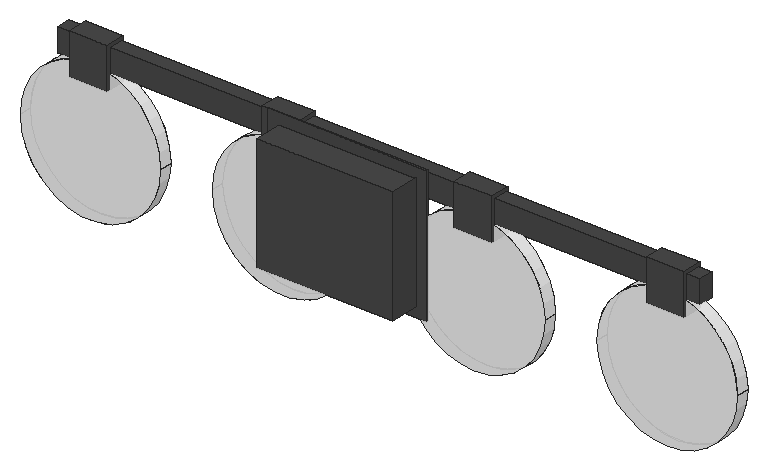
Revit family "3-5053-xx-xx Axiom Wall Sconce", category Luminarias, Revit 2021
Family settings
  Anfitrión = Muro
  Cota de conector redondo = Diámetro de uso
  Tipo de pieza = Normal
  Número OmniClass = 23.80.70.00
  Título OmniClass = Lighting
  Siempre vertical = Sí
  Corte con vacíos al cargar = No
  Origen de luz = Sí
  Compartido = No
  Punto de cálculo de habitación = No
Parameters (values of type "3-5053-15 / Black - ice acrylic")
  Ángulo de inclinación = 90.00°  # constant formula
  Elevación por defecto = 0 mm
  Diffuser = Ice Acrylic
  Comentarios de vataje = "1 x 12.0 W at 120 V"  # constant formula
  Wattage = 12.18 W
  built-in parameter 1150110 = 1 (stored number, unit not read)
  Voltage Input = "120 V or 277 V - 50/60 Hz"  # constant formula
  Voltage = 120 V
  URL = "www.oxygenlighting.com"
  built-in parameter 1114217 = 1 (stored number, unit not read)
  built-in parameter 1150109 = 1 (stored number, unit not read)
  built-in parameter 1150134 = (empty or 0)
  built-in parameter 1150113 = 1 (stored number, unit not read)
  References = "Ref. 3 = 120 V / Ref. 37 = 277 V"  # constant formula
  Modelo = "3-5053-xx / Axiom Wall Sconce"  # constant formula
  Metal Finish 1 = 15 - Black
  Fabricante = "Oxygen Lighting and Fans"  # constant formula
  Lumens = 936.642 lm
  built-in parameter 1150115 = 1 (stored number, unit not read)
  built-in parameter 1150105 = 74.536 (stored number, unit not read)
  built-in parameter 1150137 = (empty or 0)
  built-in parameter 1150139 = (empty or 0)
  built-in parameter 1150112 = 1 (stored number, unit not read)
  built-in parameter 1150114 = 1 (stored number, unit not read)
  Lámpara = "LED Array"  # constant formula
  built-in parameter 1150132 = (empty or 0)
  built-in parameter 1150102 = (empty or 0)
  built-in parameter 1150138 = (empty or 0)
  built-in parameter 1150107 = 3000 (stored number, unit not read)
  built-in parameter 1150106 = 0.74536 (stored number, unit not read)
  built-in parameter 1150104 = 7.1442 (stored number, unit not read)
  Dimming Lamp Color Temperature Shift = (empty or 0)
  Color Filter = 16777215
  built-in parameter 1114218 = 1 (stored number, unit not read)
  Archivo de red fotométrica = "3-5053-40 Axiom 4LT.ies"
  built-in parameter 1150133 = 10 (stored number, unit not read)
Types (2, lengths in mm): name | Metal Finish 1
  3-5053-15 / Black - ice acrylic | 15 - Black
  3-5053-40 / Aged Brass - Ice Acrylic | 40 - Aged Brass
Reference planes
  plane 1: y = 0
  plane 2 "Light Source Axis (L/R)": x = 125
  plane 3 "Light Source Axis (F/R)": y = 172.5
  plane 4 "Light Source Elevation": z = 911.371
  plane 5: y = 75
  plane 6: z = 822.5
Text (mm)
  text "Placement side" at (-1787.139, 1116.779, 0), in view "Ref. Level"
  text "Placement side" at (0, 2110.396, 2986.058), in view "Left"
  text "Placement side" at (0, 628.478, 3011.967), in view "Right"
Dimensions and locks
  locked: plane 3 "Light Source Axis (F/R)" to plane 5 at 97.5
  locked: plane 6 to plane 4 "Light Source Elevation" at 88.871
  aligned and locked: plane 1 to host wall
  aligned and locked: plane 4 "Light Source Elevation" to imposter light
  aligned and locked: plane 5 to host wall
  aligned and locked: plane 2 "Light Source Axis (L/R)" to imposter light
  aligned and locked: plane 3 "Light Source Axis (F/R)" to imposter light
  aligned and locked: nested 1 to plane 6
Nested families
  nested 1: "Family1" at (125, 75, 894.714) x (-1, 0, 0) z (0, 0, 1), type "Family1"
Definition of nested family "Family1"
  Parameters (values of type "Family1")
    Metal finish 2 = none
    Metal Finish 1 = none
    Default Elevation = 0 mm
    Diffuser = none
  Reference planes
    plane 1 "Center (Front/Back)": y = 0
    plane 2: z = 0
    plane 3 "Center (Left/Right)": x = 0
  Forms (mm)
    Extrusion 1, solid, material <- "Metal Finish 1"
      sketch origin (0, 0, 0) x (1, 0, 0) y (0, 0, 1)
        loop
          line (-72.214, 60) -> (-72.214, -62.591) -> (72.214, -62.591) -> (72.214, 60) -> (-72.214, 60)
      from 0 to 29.882
    Extrusion 2, solid, material <- "Metal Finish 1"
      sketch origin (0, 0, 0) x (1, 0, 0) y (0, 1, 0)
        loop
          line (-84.665, -29.882) -> (-84.665, -30.878) -> (84.665, -30.878) -> (84.665, -29.882) -> (-84.665, -29.882)
      from -72.214 to 71.773
    Extrusion 3, solid, material <- "Metal Finish 1"
      sketch origin (-102.096, 0, 0) x (1, 0, 0) y (0, 0, 1)
        loop
          line (-19.921, 43.189) -> (-19.921, -0.638) -> (19.921, -0.638) -> (19.921, 43.189) -> (-19.921, 43.189)
      from 68.728 to 89.645
    Extrusion 4, solid, material <- "Diffuser"
      sketch origin (0, 0, 0) x (1, 0, 0) y (0, 0, 1)
        loop
          circle (-306.288, -57.072) r 74.705
        loop
          circle (-102.095, -57.072) r 74.705
        loop
          circle (102.097, -57.072) r 74.705
        loop
          circle (306.288, -57.072) r 74.705
      from 71.716 to 85.661
    Extrusion 5, solid, material <- "Metal Finish 1"
      sketch origin (0, 0, 0) x (1, 0, 0) y (0, 0, 1)
        loop
          line (-341.151, 40.2) -> (-341.151, 15.299) -> (341.151, 15.299) -> (341.151, 40.2) -> (-341.151, 40.2)
      from 71.716 to 86.657
    Extrusion 6, solid, material <- "Metal Finish 1"
      sketch origin (306.289, 0, 0) x (1, 0, 0) y (0, 0, 1)
        loop
          line (-19.921, 43.189) -> (-19.921, -0.638) -> (19.921, -0.638) -> (19.921, 43.189) -> (-19.921, 43.189)
      from 68.728 to 89.645
    Extrusion 7, solid, material <- "Metal Finish 1"
      sketch origin (-306.289, 0, 0) x (1, 0, 0) y (0, 0, 1)
        loop
          line (-19.921, 43.189) -> (-19.921, -0.638) -> (19.921, -0.638) -> (19.921, 43.189) -> (-19.921, 43.189)
      from 68.728 to 89.645
    Revolve 8, solid, material <- "Metal Finish 1"
      sketch origin (-40, 0, 27.5) x (1, 0, 0) y (0, 1, 0)
        loop
          line (4.789, -30.878) -> (0, -30.878) -> (0, -71.772) -> (4.789, -71.772) -> (4.789, -30.878)
        axis (0, -30.878) -> (0, -71.772)
      angle from 0 to 360
    Revolve 9, solid, material <- "Metal Finish 1"
      sketch origin (39.685, 0, 27.5) x (1, 0, 0) y (0, 1, 0)
        loop
          line (4.789, -30.878) -> (0, -30.878) -> (0, -71.772) -> (4.789, -71.772) -> (4.789, -30.878)
        axis (0, -30.878) -> (0, -71.772)
      angle from 0 to 360
    Extrusion 10, solid, material <- "Metal Finish 1"
      sketch origin (102.096, 0, 0) x (1, 0, 0) y (0, 0, 1)
        loop
          line (-19.921, 43.189) -> (-19.921, -0.638) -> (19.921, -0.638) -> (19.921, 43.189) -> (-19.921, 43.189)
      from 68.728 to 89.645
  Dimensions and locks
    aligned and locked: level to plane 2
